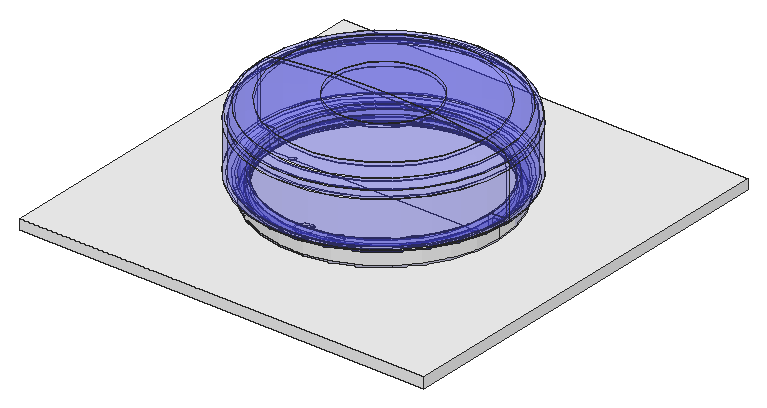
Revit family "BE_50039_de_DE", category Leuchten, Revit 2020
Family settings
  Basisbauteil = Fläche
  Bemaßung runder Anschluss = Durchmesser verwenden
  Teiletyp = Normal
  Beim Laden mit Abzugskörper schneiden = Ja
  Lichtquelle = Ja
  Gemeinsam genutzt = Nein
  Raumberechnungspunkt = Ja
Parameters (values of type "BEGA_50039_K3")
  built-in parameter 1150104 = 11.557 (stored number, unit not read)
  Wattage = 8.4 W
  Default Elevation = 0 mm
  built-in parameter 1150113 = 1 (stored number, unit not read)
  built-in parameter 1114218 = 1 (stored number, unit not read)
  Umgebungstemperatur = "25 °C"
  URL = "https://www.bega.com/de/produkt/50039"
  Typenkommentare = "© 2022 BEGA. Wir behalten uns das Recht vor, technische Änderungen ohne vorherige Ankündigung vorzunehmen."  # constant formula
  built-in parameter 1150134 = (empty or 0)
  built-in parameter 1150109 = 1 (stored number, unit not read)
  Strom = ""
  built-in parameter 1150110 = 1 (stored number, unit not read)
  Spannung = 230 V
  Sonderanfertigung = no
  Seriennummer [instance] = "Hier können Sie die eindeutige Seriennummer für das Facility Management eintragen."
  Schutzklasse = "I"
  Schutzart = "IP 20"
  Scheinlast = 0 VA
  Produktdatenblatt = "http://www.bega.de/download/Xrfa/db/50039.db.de.pdf"
  Oberflächentemperatur = ""
  Neigungswinkel = 0.00°
  Model = "50039K2"
  Material_17 = BEGA_Reflektor
  Material_15 = BEGA_Leuchtmedium_matt
  Material_11 = BEGA_Glas_opal
  Material_09 = BEGA_Glas_klar
  Material_06 = BEGA_Oberfläche_Edelstahl_gebürstet
  Material_03 = BEGA_Oberfläche_Weiss_matt
  Material_02 = BEGA_Oberfläche_Silber_matt
  Material_01 [instance] = BEGA_Oberfläche_Grafit_matt
  M_W = no
  M_G = no
  M_A = no
  Logo = 0
  built-in parameter 1114217 = 1 (stored number, unit not read)
  built-in parameter 1150139 = (empty or 0)
  built-in parameter 1150105 = 210.97 (stored number, unit not read)
  built-in parameter 1150114 = 1 (stored number, unit not read)
  Lumens = 1044.96 lm
  built-in parameter 1150115 = 1 (stored number, unit not read)
  Leuchtenlichtstrom = "581 lm"
  Leuchtenanzahl = ""
  Lebensdauerkriterien = "L70B50 @ 25 °C = 206000 h"
  Lastklassifizierung = Beleuchtung
  built-in parameter 1150112 = 1 (stored number, unit not read)
  Lampenlichtstrom = "1045 lm"
  Lampe = "LED 8.4 W"
  LED_Modulbezeichnung = "LED-0508/927"
  Hersteller = "BEGA"  # constant formula
  Halbstreuwinkel = ""
  Gewicht = "1.7 kg"
  Gebrauchslageneinschränkung [instance] = ""
  Frequenz = "50 Hz"
  Farbwiedergabeindex = "CRI > 90"
  Farbtemperaturverschiebung bei Dämpfen der Lampe = <Keine Auswahl>
  Farbtemperatur = "2700 K"
  Color Filter = 16777215
  built-in parameter 1150133 = 10 (stored number, unit not read)
  Energieeffizienzklasse = "LED A++ - A"
  built-in parameter 1150137 = (empty or 0)
  built-in parameter 1150132 = (empty or 0)
  ENEC = ""
  Dimmbar [instance] = ""
  Photometric Web File = "BE_50039K2.IES"
  CE_Konformität = "ja"
  Bestellnummer = "50039K2"
  Beschreibung_Sonderanfertigung = "Hier können Sie Informationen zur Sonderanfertigung eintragen."
  Beschreibung = "Decken- und Wandleuchte"
  built-in parameter 1150106 = 2.1097 (stored number, unit not read)
  Befestigungsbohrung = "Ø 5,5 mm"
  Befestigungsabstand = "180 mm"
  Ballwurfsicher = ""
  BEGA_Intern_aus = yes
  BEGA_Intern_an = yes
  BEGA_Intern_Konstruktion = yes
  BEGA_Intern = yes
  BEGA_IES = yes
  BEGA_Dummy = no
  Anschlussleitung = ""
  Anschlussleistung [instance] = "11.5 W"
  Anschlusskasten = ""
  built-in parameter 1150107 = 2700 (stored number, unit not read)
  built-in parameter 1150102 = (empty or 0)
  built-in parameter 1150138 = (empty or 0)
  Aktualisierung = "2020-05-11T04:00:10"
  Abstand_zur_angestrahlten_Fläche [instance] = ""
  AC/DC = "AC"
Types (3, lengths in mm): name | built-in parameter 1150104 | built-in parameter 1150134 | Model | built-in parameter 1150105 | Lumens | Leuchtenlichtstrom | Lampenlichtstrom | LED_Modulbezeichnung | Farbtemperatur | Photometric Web File | Bestellnummer | built-in parameter 1150106 | built-in parameter 1150107
  BEGA_50039_K3 | 11.669 (stored number, unit not read) | (empty or 0) | "50039K3" | 213.16 (stored number, unit not read) | 1055.04 lm | "587 lm" | "1055 lm" | "LED-0508/930" | "3000 K" | "BE_50039K3.IES" | "50039K3" | 2.1316 (stored number, unit not read) | 3000 (stored number, unit not read)
  BEGA_50039_K4 | 12.105 (stored number, unit not read) | 12 | "50039K4" | 87.099 (stored number, unit not read) | 1094.52 lm | "609 lm" | "1095 lm" | "LED-0508/940" | "4000 K" | "BE_50039K4.IES" | "50039K4" | 0.87099 (stored number, unit not read) | 4000 (stored number, unit not read)
  BEGA_50039_K27 | 12.105 (stored number, unit not read) | 12 | "50039K27" | 87.099 (stored number, unit not read) | 1094.52 lm | "581 lm" | "1045 lm" | "LED-0508/927" | "2700 K" | "BE_50039K27.IES" | "50039K27" | 0.87099 (stored number, unit not read) | 4000 (stored number, unit not read)
Reference planes
  plane 1 "Mitte (Vorne/Hinten)": y = 0
  plane 2: z = 0
  plane 3 "Mitte (Links/Rechts)": x = 0
  plane 4 "Links": x = -125
  plane 5 "Rechts": x = 125
  plane 6 "Unten": y = -125
  plane 7 "Oben": y = 125
  plane 8 "Vorne": z = 94.4
  plane 9 "Hinten": z = 0
Forms (mm)
  Extrusion 1, solid, material "BEGA_Platte_Weiss"
    sketch origin (0, -1119.2, 0) x (1, 0, 0) y (0, 1, 0)
      loop
        line (-200, 1319.2) -> (-200, 919.2) -> (200, 919.2) -> (200, 1319.2) -> (-200, 1319.2)
    from 0 to -10
  Extrusion 2, solid, material "BEGA_Dummy_matt", visible <- "BEGA_Dummy"
    sketch origin (77.149, -76.023, 0) x (1, 0, 0) y (0, 1, 0)
      loop
        circle (-77.149, 76.023) r 125
    from 0 to 94.4
Dimensions and locks
  plane 1 "Mitte (Vorne/Hinten)" to Extrusion 1 = 200 mm
  aligned and locked: plane 2 to Extrusion 1
  aligned and locked: level to Extrusion 1
Nested families
  nested 1: "BE_50039" at (0, 0, 0) x (0, -1, 0) z (0, 0, 1), type "BE_50039"
Connectors
  electrical at (0, 0, 0), driven by "Lastklassifizierung", driven by "Spannung", driven by "Scheinlast"
    settings: index 1, voltage 230 V, apparent load 0 VA, apparent load phase1 0 VA, apparent load phase2 0 VA, apparent load phase3 0 VA, power factor 1, load classification "Beleuchtung", number of poles 1, system type 31, power factor state 1, is connector primary yes, connector utility no, sub classification motor no, connector description ""
Definition of nested family "BE_50039"
  Parameters (values of type "BE_50039")
    Default Elevation = 1 mm
    URL = "http://www.bega.de/de/produkt"
    Type Comments = "© 2015 BEGA. Wir behalten uns das Recht vor, technische Änderungen ohne vorherige Ankündigung vorzunehmen. "  # constant formula
    Type Image = (empty or 0)
    Neigungswinkel_um_Z2 = 0.00°
    Neigungswinkel_um_Z1 = 0.00°
    Neigungswinkel_um_Y2 = 0.00°
    Neigungswinkel_um_Y1 = 0.00°
    Neigungswinkel_um_X2 = 0.00°
    Neigungswinkel_um_X1 = 0.00°
    Material_17 = none
    Material_15 = none
    Material_11 = none
    Material_09 = none
    Material_06 = none
    Material_05 = none
    Material_03 = none
    Material_02 = none
    Material_01 = none
    M_W = yes
    M_G = yes
    M_A = yes
    Länge_Platte = 400 mm  # constant formula
    Höhe_Platte = -10 mm  # constant formula
    Manufacturer = "BEGA"  # constant formula
    Drehwinkel_um_Z2 = 0.00°
    Drehwinkel_um_Z1 = 0.00°
    Breite_Platte = 400 mm  # constant formula
  Reference planes
    plane 1 "Mitte (Oben/Unten)": y = 0
    plane 2: z = 0
    plane 3 "Mitte (Links/Rechts)": x = 0
    plane 4: y = 125
    plane 5: y = -125
    plane 6: z = 94.4
    plane 7: x = -125
    plane 8: x = 125
  Forms (mm)
    Extrusion 1, solid, detail levels medium
      sketch origin (0, 0, 0) x (1, 0, 0) y (0, 1, 0)
        loop
          line (-200, 200) -> (-200, -200) -> (200, -200) -> (200, 200) -> (-200, 200)
      from 0 to -10 <- "Höhe_Platte"
    Revolve 2, solid, material <- "Material_03", detail levels medium+fine
      sketch origin (0, 0, 0) x (0, 1, 0) y (0, 0, 1)
        loop
          line (117.5, 19.8) -> (117.5, 20.8) -> (115.331, 20.8)
          arc (115.331, 20.8) -> (114.063, 20.284) -> (113.524, 19.025) r 1.8
          line (113.524, 19.025) -> (113.276, 4.767)
          arc (113.276, 4.767) -> (112.825, 3.728) -> (111.776, 3.3) r 1.5
          line (111.776, 3.3) -> (0, 3.3) -> (0, 2.3) -> (111.776, 2.3)
          arc (111.776, 2.3) -> (113.525, 3.014) -> (114.275, 4.748) r 2.5
          line (114.275, 4.748) -> (114.524, 19.01)
          arc (114.524, 19.01) -> (114.764, 19.571) -> (115.329, 19.8) r 0.8
          line (115.329, 19.8) -> (117.5, 19.8)
        axis (0, 2.3) -> (0, 20.8)
      angle from 0 to 360
    Revolve 3, solid, material <- "Material_03", detail levels medium+fine
      sketch origin (0, 0, 0) x (0, 1, 0) y (0, 0, 1)
        loop
          arc (99.13, 1.943) -> (99.474, 2.206) -> (99.896, 2.3) r 1
          line (99.896, 2.3) -> (100.896, 3.3) -> (92.75, 3.3) -> (92.75, 0) -> (96.108, 0)
          arc (96.108, 0) -> (97.369, 0.281) -> (98.395, 1.067) r 3
          line (98.395, 1.067) -> (99.13, 1.943)
        axis (90, 3.3) -> (90, 0)
      angle from 0 to 360
    Revolve 4, solid, material <- "Material_03", detail levels medium+fine
      sketch origin (0, 0, 0) x (0, -1, 0) y (0, 0, 1)
        loop
          arc (99.13, 1.943) -> (99.474, 2.206) -> (99.896, 2.3) r 1
          line (99.896, 2.3) -> (100.896, 3.3) -> (92.75, 3.3) -> (92.75, 0) -> (96.108, 0)
          arc (96.108, 0) -> (97.369, 0.281) -> (98.395, 1.067) r 3
          line (98.395, 1.067) -> (99.13, 1.943)
        axis (90, 3.3) -> (90, 0)
      angle from 0 to 360
    Extrusion 5, void
      sketch origin (0, 0, 0) x (1, 0, 0) y (0, 1, 0)
        loop
          circle (80, 15) r 8.5
        loop
          circle (80, -15) r 8.5
        loop
          circle (0, 90) r 2.75
        loop
          circle (0, -90) r 2.75
      from 1.096 to 7.205
    Revolve 6, solid, material <- "Material_11", detail levels medium+fine
      sketch origin (0, 0, 0) x (0, 1, 0) y (0, 0, 1)
        loop
          line (107.5, 12.214) -> (107.5, 20.4) -> (122.157, 21.168)
          arc (122.157, 21.168) -> (124.176, 22.099) -> (125, 24.164) r 3
          line (125, 24.164) -> (125, 69.391)
          arc (125, 69.391) -> (124.681, 72.948) -> (123.735, 76.391) r 20
          arc (123.735, 76.391) -> (121.144, 80.63) -> (117.158, 83.582) r 13
          arc (117.158, 83.582) -> (109.272, 86.676) -> (101.03, 88.629) r 60
          arc (101.03, 88.629) -> (75.117, 91.988) -> (49.04, 93.648) r 400
          arc (49.04, 93.648) -> (24.523, 94.212) -> (0, 94.4) r 1600.011
          line (0, 94.4) -> (0, 90.6)
          arc (0, 90.6) -> (24.398, 90.414) -> (48.79, 89.854) r 1596.211
          arc (48.79, 89.854) -> (74.692, 88.212) -> (100.431, 84.877) r 396.2
          arc (100.431, 84.877) -> (108.139, 83.049) -> (115.512, 80.156) r 56.2
          arc (115.512, 80.156) -> (118.33, 78.076) -> (120.166, 75.094) r 9.2
          arc (120.166, 75.094) -> (120.94, 72.293) -> (121.2, 69.4) r 16.2
          line (121.2, 69.4) -> (121.2, 24.923) -> (106.543, 24.155)
          arc (106.543, 24.155) -> (104.524, 23.224) -> (103.7, 21.159) r 3
          line (103.7, 21.159) -> (103.7, 16.4) -> (103.7, 11.174)
          arc (103.7, 11.174) -> (104.099, 9.678) -> (105.19, 8.579) r 3.003
          line (105.19, 8.579) -> (106.963, 7.556)
          arc (106.963, 7.556) -> (108.068, 6.43) -> (108.449, 4.9) r 3.003
          line (108.449, 4.9) -> (112.25, 4.9) -> (112.25, 8.894) -> (107.997, 11.349)
          arc (107.997, 11.349) -> (107.633, 11.715) -> (107.5, 12.214) r 1.001
        axis (0, 94.4) -> (0, 4.9)
      angle from 0 to 360
  Cuts and joins
    Extrusion 5 cuts Revolve 2
    Extrusion 5 cuts Revolve 3
    Extrusion 5 cuts Revolve 4
    joined: Revolve 2, Revolve 3, Revolve 4
  Dimensions and locks
    equal spacing: Extrusion 1 sketch curve, plane 3 "Mitte (Links/Rechts)", Extrusion 1 sketch curve
    equal spacing: Extrusion 1 sketch curve, plane 1 "Mitte (Oben/Unten)", Extrusion 1 sketch curve
    "Länge_Platte": Extrusion 1 sketch curve to Extrusion 1 sketch curve
    "Breite_Platte": Extrusion 1 sketch curve to Extrusion 1 sketch curve
    aligned and locked: plane 2 to Extrusion 1
    aligned and locked: level to Extrusion 1
  Automatic sketch dimensions
    Revolve 2 sketch curve to Revolve 2 sketch curve = 0 mm  (x11)
    Revolve 2 sketch curve to plane 1 "Mitte (Oben/Unten)" = 0 mm  (x2)
    Revolve 2 sketch curve to Revolve 2 sketch curve = 1.5 mm
    Revolve 2 sketch curve to Revolve 2 sketch curve = 1 mm  (x3)
    Revolve 2 sketch curve to Revolve 2 sketch curve = 0.8 mm
    Revolve 2 sketch curve to Revolve 2 sketch curve = 0.004 mm
    Revolve 2 sketch curve to Revolve 2 sketch curve = 0.002 mm
    Revolve 2 sketch curve to Revolve 2 sketch curve = 2.169 mm
    level to Revolve 2 sketch curve = 2.3 mm
    Revolve 2 sketch curve to Revolve 2 sketch curve = 1.448 mm
    Revolve 2 sketch curve to Revolve 2 sketch curve = 0.02 mm
    Revolve 2 sketch curve to Revolve 2 sketch curve = 0.033 mm
    Revolve 2 sketch curve to Revolve 2 sketch curve = 14.252 mm
    Revolve 2 sketch curve to Revolve 2 sketch curve = 0.01 mm
    Revolve 2 sketch curve to Revolve 2 sketch curve = 0.015 mm
    Revolve 2 sketch curve to Revolve 2 sketch curve = 4 mm
    Revolve 3 sketch curve to level = 0 mm
    level to Revolve 3 sketch curve = 3.3 mm
    Revolve 3 sketch curve to Revolve 3 sketch curve = 3.351 mm
    Revolve 3 sketch curve to Revolve 3 sketch curve = 0.007 mm
    level to Revolve 3 sketch curve = 1.067 mm
    Revolve 3 sketch curve to Revolve 3 sketch curve = 2.287 mm
    level to Revolve 3 sketch curve = 2.3 mm
    Revolve 3 sketch curve to Revolve 3 sketch curve = 1.501 mm
    Revolve 3 sketch curve to Revolve 3 sketch curve = 0 mm  (x2)
    Revolve 3 sketch curve to Revolve 3 sketch curve = 1 mm  (x2)
    Revolve 3 sketch curve to Revolve 3 sketch curve = 2.75 mm
    level to Revolve 3 sketch curve = 1.943 mm
    Revolve 3 sketch curve to Revolve 3 sketch curve = 0.766 mm
    Revolve 3 sketch curve to level = 2.001 mm
    Revolve 3 sketch curve to Revolve 3 sketch curve = 2 mm
    Revolve 4 sketch curve to level = 0 mm
    Revolve 4 sketch curve to level = 3.3 mm
    Revolve 4 sketch curve to Revolve 4 sketch curve = 3.351 mm
    Revolve 4 sketch curve to Revolve 4 sketch curve = 0.007 mm
    Revolve 4 sketch curve to level = 1.067 mm
    Revolve 4 sketch curve to Revolve 4 sketch curve = 2.287 mm
    Revolve 4 sketch curve to level = 2.3 mm
    Revolve 4 sketch curve to Revolve 4 sketch curve = 1.501 mm
    Revolve 4 sketch curve to Revolve 4 sketch curve = 0 mm  (x2)
    Revolve 4 sketch curve to Revolve 4 sketch curve = 1 mm  (x2)
    Revolve 4 sketch curve to Revolve 4 sketch curve = 2.75 mm
    Revolve 4 sketch curve to level = 1.943 mm
    Revolve 4 sketch curve to Revolve 4 sketch curve = 0.766 mm
    level to Revolve 4 sketch curve = 2.001 mm
    Revolve 4 sketch curve to Revolve 4 sketch curve = 2 mm
    Revolve 6 sketch curve to Revolve 6 sketch curve = 1.49 mm
    Revolve 6 sketch curve to Revolve 6 sketch curve = 0.257 mm
    Revolve 6 sketch curve to Revolve 6 sketch curve = 1.513 mm
    level to Revolve 6 sketch curve = 7.556 mm
    Revolve 6 sketch curve to Revolve 6 sketch curve = 1.773 mm
    Revolve 6 sketch curve to Revolve 6 sketch curve = 3.8 mm  (x2)
    Revolve 6 sketch curve to Revolve 6 sketch curve = 0.497 mm
    Revolve 6 sketch curve to Revolve 6 sketch curve = 3.002 mm
    Revolve 6 sketch curve to Revolve 6 sketch curve = 0.504 mm
    Revolve 6 sketch curve to Revolve 6 sketch curve = 3.801 mm
    Revolve 6 sketch curve to Revolve 6 sketch curve = 2.592 mm
    Revolve 6 sketch curve to Revolve 6 sketch curve = 1.024 mm
    Revolve 6 sketch curve to Revolve 6 sketch curve = 3.994 mm
    Revolve 6 sketch curve to Revolve 6 sketch curve = 2.594 mm
    Revolve 6 sketch curve to Revolve 6 sketch curve = 0.176 mm
    Revolve 6 sketch curve to Revolve 6 sketch curve = 0.865 mm
    Revolve 6 sketch curve to Revolve 6 sketch curve = 4.186 mm
    Revolve 6 sketch curve to Revolve 6 sketch curve = 0 mm  (x24)
    Revolve 6 sketch curve to Revolve 6 sketch curve = 4.759 mm
    level to Revolve 6 sketch curve = 40.4 mm
    Revolve 2 sketch curve to plane 1 "Mitte (Oben/Unten)" = 111.776 mm
    Revolve 2 sketch curve to Revolve 2 sketch curve = 0.249 mm
    Revolve 3 sketch curve to plane 1 "Mitte (Oben/Unten)" = 92.75 mm
    Revolve 4 sketch curve to plane 1 "Mitte (Oben/Unten)" = 92.75 mm
    Extrusion 5 sketch curve to plane 3 "Mitte (Links/Rechts)" = 0 mm  (x2)
    plane 1 "Mitte (Oben/Unten)" to Extrusion 5 sketch curve = 15 mm
    Extrusion 5 sketch curve to plane 1 "Mitte (Oben/Unten)" = 15 mm
    Extrusion 5 sketch curve to Extrusion 5 sketch curve = 0 mm
    Revolve 6 sketch curve to Revolve 6 sketch curve = 0.157 mm  (x2)
    Revolve 6 sketch curve to Revolve 6 sketch curve = 16.2 mm
    Revolve 6 sketch curve to Revolve 6 sketch curve = 6.557 mm
    Revolve 6 sketch curve to Revolve 6 sketch curve = 0.009 mm  (x3)
    Revolve 6 sketch curve to Revolve 6 sketch curve = 2.45 mm
    Revolve 6 sketch curve to Revolve 6 sketch curve = 3.955 mm
    Revolve 6 sketch curve to Revolve 6 sketch curve = 1.645 mm
    Revolve 6 sketch curve to Revolve 6 sketch curve = 1.034 mm
    Revolve 6 sketch curve to Revolve 6 sketch curve = 45.227 mm
    Revolve 6 sketch curve to Revolve 6 sketch curve = 12.348 mm
    Revolve 6 sketch curve to Revolve 6 sketch curve = 8.256 mm
    Revolve 6 sketch curve to Revolve 6 sketch curve = 15.081 mm
    Revolve 6 sketch curve to plane 1 "Mitte (Oben/Unten)" = 36.68 mm
    Revolve 6 sketch curve to level = 306.161 mm
    plane 1 "Mitte (Oben/Unten)" to Revolve 6 sketch curve = 0 mm  (x2)
    Revolve 6 sketch curve to Revolve 6 sketch curve = 1199.45 mm
    Revolve 6 sketch curve to plane 1 "Mitte (Oben/Unten)" = 0 mm  (x2)
    Revolve 6 sketch curve to Revolve 6 sketch curve = 33.648 mm
    Revolve 6 sketch curve to Revolve 6 sketch curve = 20 mm
    Revolve 6 sketch curve to Revolve 6 sketch curve = 0.8 mm  (x2)
    Revolve 6 sketch curve to Revolve 6 sketch curve = 0.759 mm  (x2)
    Extrusion 5 sketch curve to plane 1 "Mitte (Oben/Unten)" = 90 mm
    Revolve 6 sketch curve to plane 1 "Mitte (Oben/Unten)" = 91.352 mm
    Revolve 6 sketch curve to Revolve 6 sketch curve = 13.648 mm
    Revolve 6 sketch curve to Revolve 6 sketch curve = 0.25 mm
    plane 1 "Mitte (Oben/Unten)" to Extrusion 5 sketch curve = 90 mm
    Revolve 6 sketch curve to Revolve 6 sketch curve = 3.764 mm
    Revolve 6 sketch curve to Revolve 6 sketch curve = 50.2 mm
    Revolve 6 sketch curve to plane 1 "Mitte (Oben/Unten)" = 48.79 mm
    Revolve 6 sketch curve to Revolve 6 sketch curve = 0.599 mm
    Revolve 6 sketch curve to Revolve 6 sketch curve = 0.2 mm
    plane 3 "Mitte (Links/Rechts)" to Extrusion 5 sketch curve = 80 mm
    radius of Extrusion 5 sketch curve = 8.5 mm  (x2)
    radius of Extrusion 5 sketch curve = 2.75 mm  (x2)
